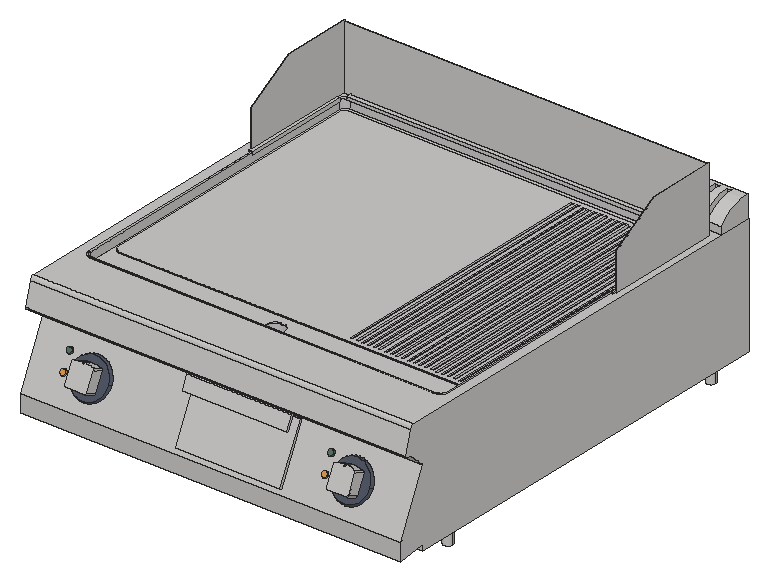
Revit family "QF_ZANUSSI_392400_Z9IINDAOMEA", category Specialty Equipment, Revit 2018
Family settings
  Round Connector Dimension = Use Diameter
  Part Type = Normal
  Work Plane-Based = No
  Always vertical = Yes
  Cut with Voids When Loaded = No
  Shared = No
  Room Calculation Point = No
Parameters
  Width = 800 mm  # constant formula
  Weight in Pounds = 105  # constant formula
  Weight = 0.00 kg
  Watts = 15000 W  # constant formula
  Volts = 400 V  # constant formula
  URL Manufacturer = "http://www.zanussiprofessional.com"
  URL Cutsheet = "www.electrolux.com"
  URL = "http://www.zanussiprofessional.com"
  Type Mark [instance] = ""
  Steam Supply Size = 0"
  Steam Supply Minimum Pressure = 0.00 psi
  Steam Supply Maximum Pressure = 0.00 psi
  Steam Pounds per Hour = 0
  Status [instance] = ""
  Specification by User [instance] = ""
  Specification by Manufacturer = ""
  Show Logo [instance] = yes
  Show Clearance [instance] = yes
  Serial Number = ""
  Seismic Rating = ""
  SMACNA No = ""
  Revision Code [instance] = ""
  Refrigeration Suction Line Size = 0"
  Refrigeration Liquid Line Size = 0"
  Refrigerant Compressor Remote = yes
  Phase = 3
  Omniclass Number and Title = ""
  Number of Poles [instance] = 1
  NAFEM Spec ID Number = ""
  Model = "Z9FTEHSP00"
  Min Ckt Ampacity = 0 A
  Max Overcurrent Protection = 0 A
  Masterspec = ""
  Manufacturer = "Zanussi"
  Length Actual = 800 mm  # constant formula
  Item Number [instance] = "392070"
  Installed By [instance] = ""
  Identify Quantity as Lot [instance] = yes
  Hot Water Size = 0"
  Height Actual = 250 mm  # constant formula
  HP = "20.1 HP"
  Gas Size = 0"
  Gas KW = 0
  Gas Input = 0.0 Btu/h
  Furnished By [instance] = ""
  Foodservice Equipment Identifier [instance] = yes
  FL Amps = if(Phase = 3, Watts / (Volts * 1.73), Watts / Volts)  # 21.6763 A
  Electrical Remarks [instance] = "400 V/3N ph/50/60 Hz"  # constant formula
  Electric Connection Type [instance] = ""
  Elec Conn RI Height [instance] = 0 mm
  Elec Conn Connection Height [instance] = 0 mm
  Direct Waste Size = 0"
  Description = "EL.FRYTOP SMOOTH+RIBBED SLOPED 800MM"
  Depth Actual = 900 mm  # constant formula
  Depth = 915 mm  # constant formula
  Cycle [instance] = if([60 Hertz Option], 60 Hz, 50 Hz)  # 60 Hz
  Conn Plug = ""
  Conn Conduit = yes
  Condensate Return Size = 0"
  Compressed Air Volume = 0 GPM
  Compressed Air Size = 0"
  Compressed Air Pressure = 0.00 psi
  Cold Water Size = 0"
  CSI MasterFormat = ""
  CSI Master Format = ""
  Apparent Power = if(Phase = 3, Volts * FL Amps * 1.73, Volts * FL Amps)  # 15000 VA
  Accessory = yes
  60 Hertz Option [instance] = not([50 Hertz Option])  # yes
  50 Hertz Option [instance] = no
Reference planes
  plane 1 "BACK": y = 0
  plane 2: z = 0
  plane 3 "LEFT": x = 0
  plane 4 "RIGHT": x = 800
  plane 5 "FRONT": y = -915
  plane 6 "TOP": z = 274
  plane 7 "Center Y": x = 400
  plane 8 "Center X": y = -457.5
  plane 9: y = -1045
  plane 10: z = 24
  plane 11: z = 290
  plane 12: z = 410
  plane 13: x = 11
  plane 14: x = 789
Forms (mm)
  Extrusion 1, solid, material "QF_Finishes_Stainless Steel"
    sketch origin (0, 0, 0) x (0, 1, 0) y (0, 0, 1)
      loop
        line (0, 24) -> (0, 274) -> (-879.358, 274)
        arc (-879.358, 274) -> (-884.643, 271.811) -> (-886.833, 266.526) r 7.474
        line (-886.833, 266.526) -> (-899.884, 221.011)
        arc (-899.884, 221.011) -> (-899.396, 218.379) -> (-897, 217.184) r 3
        line (-897, 217.184) -> (-886.802, 217.184) -> (-854.982, 185.364) -> (-915, 64.508) -> (-915, 29.508) -> (-858.645, 37.428)
        arc (-858.645, 37.428) -> (-856.101, 36.674) -> (-855, 34.259) r 3.2
        line (-855, 34.259) -> (-855, 24) -> (0, 24)
    from 0 to 800
  Extrusion 2, solid, material "QF_Finishes_Stainless Steel"
    sketch origin (0, -1, 0) x (1, 0, 0) y (0, 1, 0)
      loop
        circle (11, -82) r 9.525
      loop
        circle (11, -775) r 9.525
      loop
        circle (789, -82) r 9.525
      loop
        circle (789, -775) r 9.525
    from 0 to 24
  Extrusion 3, solid, material "QF_Finishes_Stainless Steel"
    sketch origin (635, 190.152, 274) x (0, -1, 0) y (1, 0, 0)
      loop
        line (273.542, 147.97) -> (273.542, -617.97) -> (275.13, -617.97) -> (275.13, 147.97) -> (273.542, 147.97)
    from 0 to 135
  Extrusion 4, void
    sketch origin (0, 0, 274) x (0, -1, 0) y (1, 0, 0)
      loop
        arc (92.539, 37.03) -> (96.932, 26.423) -> (107.539, 22.03) r 15
        line (107.539, 22.03) -> (762.539, 22.03)
        arc (762.539, 22.03) -> (773.145, 26.423) -> (777.539, 37.03) r 15
        line (777.539, 37.03) -> (777.539, 762.97)
        arc (777.539, 762.97) -> (773.145, 773.577) -> (762.539, 777.97) r 15
        line (762.539, 777.97) -> (107.539, 777.97)
        arc (107.539, 777.97) -> (96.932, 773.577) -> (92.539, 762.97) r 15
        line (92.539, 762.97) -> (92.539, 37.03)
    from 0 to -21.588
  Sweep 5, solid, material "QF_Finishes_Stainless Steel"
    path origin (0, 0, 0) x (1, 0, 0) y (0, 1, 0)
      loop
        line (22.03, -107.539) -> (22.03, -762.539)
        arc (22.03, -762.539) -> (26.423, -773.145) -> (37.03, -777.539) r 15
        line (37.03, -777.539) -> (762.97, -777.539)
        arc (762.97, -777.539) -> (773.577, -773.145) -> (777.97, -762.539) r 15
        line (777.97, -762.539) -> (777.97, -107.539)
        arc (777.97, -107.539) -> (773.577, -96.932) -> (762.97, -92.539) r 15
        line (762.97, -92.539) -> (37.03, -92.539)
        arc (37.03, -92.539) -> (26.423, -96.932) -> (22.03, -107.539) r 15
    profile origin (22.03, -435.039, 0) x (1, 0, 0) y (0, 0, 1)
      loop
        line (0, 255) -> (1.588, 255) -> (1.588, 272.855)
        arc (1.588, 272.855) -> (1.147, 274.189) -> (0, 275) r 2.242
        line (0, 275) -> (0, 255)
  Extrusion 6, solid, material "QF_Finishes_Stainless Steel"
    sketch origin (0, 0, 0) x (1, 0, 0) y (0, 0, 1)
      loop
        line (17.03, 274.856) -> (23.926, 274.856) -> (23.926, 269.856) -> (25.514, 269.856) -> (25.514, 276.444) -> (17.03, 276.444) -> (17.03, 274.856)
      loop
        line (782.97, 274.856) -> (782.97, 276.444) -> (774.486, 276.444) -> (774.486, 269.856) -> (776.074, 269.856) -> (776.074, 274.856) -> (782.97, 274.856)
    from 105.541 to 335.39
  Extrusion 7, solid, material "QF_Finishes_Stainless Steel"
    sketch origin (0, 0, 0) x (0, 1, 0) y (0, 0, 1)
      loop
        line (-94.126, 269.856) -> (-94.126, 274.856) -> (-84.978, 274.856) -> (-84.978, 276.444) -> (-95.714, 276.444) -> (-95.714, 269.856) -> (-94.126, 269.856)
    from 32.03 to 767.97
  Extrusion 8, solid, material "QF_Finishes_Stainless Steel"
    sketch origin (0, 0, 24) x (-1, 0, 0) y (0, 1, 0)
      loop
        circle (-740, -584) r 6.35
    from 0 to 5
  Extrusion 9, solid, material "QF_Clearances", visible <- "Show Clearance", detail levels coarse
    sketch origin (0, 0, 0) x (1, 0, 0) y (0, 1, 0)
      loop
        line (0, 0) -> (800, 0) -> (800, -915) -> (900, -915) -> (900, 100) -> (-100, 100) -> (-100, -915) -> (0, -915) -> (0, 0)
    from 0 to 410
  Extrusion 10, solid, material "QF_Finishes_Stainless Steel"
    sketch origin (0, 0, 0) x (0, 1, 0) y (0, 0, 1)
      loop
        line (-777.539, 254) -> (-777.539, 252.413) -> (-92.539, 252.413) -> (-92.539, 254) -> (-777.539, 254)
    from 22.03 to 777.97
  Extrusion 11, void
    sketch origin (328.121, 0, 0) x (1, 0, 0) y (0, 1, 0)
      loop
        circle (71.879, -743.736) r 20
    from 235.859 to 256.719
  Extrusion 12, solid, material "QF_Finishes_Stainless Steel"
    sketch origin (0, 0, 0) x (0, 1, 0) y (0, 0, 1)
      loop
        line (-83.39, 410) -> (-227.89, 410) -> (-327.89, 352.265) -> (-327.89, 274) -> (-83.39, 274) -> (-83.39, 410)
    from 15.442 to 17.03
  Extrusion 13, solid, material "QF_Finishes_Stainless Steel"
    sketch origin (23.617, -107.539, 255) x (-1, 0, 0) y (0, 1, 0)
      loop
        arc (-18.413, -600) -> (-11.341, -597.071) -> (-8.413, -590) r 10
        line (-8.413, -590) -> (-8.413, -7.867)
        arc (-8.413, -7.867) -> (-11.341, -0.796) -> (-18.412, 2.133) r 10
        line (-18.412, 2.133) -> (-734.353, 2.133)
        arc (-734.353, 2.133) -> (-741.425, -0.796) -> (-744.353, -7.867) r 10
        line (-744.353, -7.867) -> (-744.353, -590)
        arc (-744.353, -590) -> (-741.425, -597.071) -> (-734.353, -600) r 10
        line (-734.353, -600) -> (-18.413, -600)
    from 0 to -2
  Extrusion 14, solid, material "QF_Finishes_Stainless Steel"
    sketch origin (800, 0, 0) x (0, 1, 0) y (0, 0, -1)
      loop
        line (-83.39, -410) -> (-83.39, -274) -> (-327.89, -274) -> (-327.89, -352.265) -> (-227.89, -410) -> (-83.39, -410)
    from 15.442 to 17.03
  Extrusion 15, solid, material "QF_Finishes_Stainless Steel"
    sketch origin (0, 0, -10.038) x (0, 1, 0) y (0, 0, 1)
      loop
        line (0, 284.038) -> (0, 331.354)
        arc (0, 331.354) -> (-38.768, 324.268) -> (-69.85, 300.038) r 82.671
        line (-69.85, 300.038) -> (-69.85, 284.038) -> (0, 284.038)
    from 0 to 400
  Extrusion 16, void
    sketch origin (0, 0, 264.6) x (0, -1, 0) y (1, 0, 0)
      loop
        line (6.761, 29.703) -> (63.911, 29.703) -> (63.911, 38.999) -> (6.761, 38.999) -> (6.761, 29.703)
      loop
        line (63.911, 64.487) -> (6.761, 64.487) -> (6.761, 55.191) -> (63.911, 55.191) -> (63.911, 64.487)
      loop
        line (63.911, 89.975) -> (6.761, 89.975) -> (6.761, 80.68) -> (63.911, 80.68) -> (63.911, 89.975)
      loop
        line (63.911, 115.464) -> (6.761, 115.464) -> (6.761, 106.168) -> (63.911, 106.168) -> (63.911, 115.464)
      loop
        line (63.911, 140.952) -> (6.761, 140.952) -> (6.761, 131.656) -> (63.911, 131.656) -> (63.911, 140.952)
      loop
        line (63.911, 166.44) -> (6.761, 166.44) -> (6.761, 157.145) -> (63.911, 157.145) -> (63.911, 166.44)
      loop
        line (63.911, 191.929) -> (6.761, 191.929) -> (6.761, 182.633) -> (63.911, 182.633) -> (63.911, 191.929)
      loop
        line (63.911, 217.417) -> (6.761, 217.417) -> (6.761, 208.121) -> (63.911, 208.121) -> (63.911, 217.417)
      loop
        line (63.911, 242.905) -> (6.761, 242.905) -> (6.761, 233.61) -> (63.911, 233.61) -> (63.911, 242.905)
      loop
        line (63.911, 268.394) -> (6.761, 268.394) -> (6.761, 259.098) -> (63.911, 259.098) -> (63.911, 268.394)
      loop
        line (63.911, 293.882) -> (6.761, 293.882) -> (6.761, 284.586) -> (63.911, 284.586) -> (63.911, 293.882)
      loop
        line (63.911, 319.37) -> (6.761, 319.37) -> (6.761, 310.075) -> (63.911, 310.075) -> (63.911, 319.37)
      loop
        line (63.911, 344.859) -> (6.761, 344.859) -> (6.761, 335.563) -> (63.911, 335.563) -> (63.911, 344.859)
      loop
        line (63.911, 370.347) -> (6.761, 370.347) -> (6.761, 361.051) -> (63.911, 361.051) -> (63.911, 370.347)
    from 25.4 to 63.5
  Extrusion 17, solid, material "QF_Finishes_Stainless Steel"
    sketch origin (800, 0, -10.038) x (0, 1, 0) y (0, 0, -1)
      loop
        line (0, -284.038) -> (-69.85, -284.038) -> (-69.85, -300.038)
        arc (-69.85, -300.038) -> (-38.626, -323.809) -> (0, -330.737) r 83.705
        line (0, -330.737) -> (0, -284.038)
    from 0 to 400
  Extrusion 18, void
    sketch origin (800, 0, 264.6) x (0, -1, 0) y (1, 0, 0)
      loop
        line (6.761, -29.703) -> (6.761, -38.999) -> (63.911, -38.999) -> (63.911, -29.703) -> (6.761, -29.703)
      loop
        line (63.911, -64.487) -> (63.911, -55.191) -> (6.761, -55.191) -> (6.761, -64.487) -> (63.911, -64.487)
      loop
        line (63.911, -89.975) -> (63.911, -80.68) -> (6.761, -80.68) -> (6.761, -89.975) -> (63.911, -89.975)
      loop
        line (63.911, -115.464) -> (63.911, -106.168) -> (6.761, -106.168) -> (6.761, -115.464) -> (63.911, -115.464)
      loop
        line (63.911, -140.952) -> (63.911, -131.656) -> (6.761, -131.656) -> (6.761, -140.952) -> (63.911, -140.952)
      loop
        line (63.911, -166.44) -> (63.911, -157.145) -> (6.761, -157.145) -> (6.761, -166.44) -> (63.911, -166.44)
      loop
        line (63.911, -191.929) -> (63.911, -182.633) -> (6.761, -182.633) -> (6.761, -191.929) -> (63.911, -191.929)
      loop
        line (63.911, -217.417) -> (63.911, -208.121) -> (6.761, -208.121) -> (6.761, -217.417) -> (63.911, -217.417)
      loop
        line (63.911, -242.905) -> (63.911, -233.61) -> (6.761, -233.61) -> (6.761, -242.905) -> (63.911, -242.905)
      loop
        line (63.911, -268.394) -> (63.911, -259.098) -> (6.761, -259.098) -> (6.761, -268.394) -> (63.911, -268.394)
      loop
        line (63.911, -293.882) -> (63.911, -284.586) -> (6.761, -284.586) -> (6.761, -293.882) -> (63.911, -293.882)
      loop
        line (63.911, -319.37) -> (63.911, -310.075) -> (6.761, -310.075) -> (6.761, -319.37) -> (63.911, -319.37)
      loop
        line (63.911, -344.859) -> (63.911, -335.563) -> (6.761, -335.563) -> (6.761, -344.859) -> (63.911, -344.859)
      loop
        line (63.911, -370.347) -> (63.911, -361.051) -> (6.761, -361.051) -> (6.761, -370.347) -> (63.911, -370.347)
    from 25.4 to 63.5
  Extrusion 19, solid, material "QF_Finishes_Stainless Steel"
    sketch origin (335, -214.132, -0.464) x (0, 1, 0) y (0, 0, 1)
      loop
        line (-640.85, 185.828) -> (-659.988, 204.966)
        arc (-659.988, 204.966) -> (-664.455, 206.368) -> (-668.159, 203.504) r 5.058
        line (-668.159, 203.504) -> (-680.821, 175.994) -> (-677.937, 174.666) -> (-665.275, 202.176)
        arc (-665.275, 202.176) -> (-663.896, 203.243) -> (-662.233, 202.721) r 1.883
        line (-662.233, 202.721) -> (-644.727, 185.215) -> (-698.248, 77.444) -> (-695.339, 76.105) -> (-640.85, 185.828)
    from -10 to 210
  Extrusion 20, solid, material "QF_Finishes_Drawer Clearance", visible <- "Show Clearance", detail levels coarse
    sketch origin (335, -315.732, -0.464) x (0, 1, 0) y (0, 0, 1)
      loop
        line (-726.181, 76.105) -> (-593.739, 76.105) -> (-539.25, 185.828) -> (-558.388, 204.966)
        arc (-558.388, 204.966) -> (-560.449, 206.215) -> (-562.855, 206.368) r 5.058
        line (-562.855, 206.368) -> (-695.296, 206.368)
        arc (-695.296, 206.368) -> (-697.5, 205.39) -> (-699, 203.504) r 5.058
        line (-699, 203.504) -> (-711.662, 175.994) -> (-708.778, 174.666) -> (-696.116, 202.176)
        arc (-696.116, 202.176) -> (-694.737, 203.243) -> (-693.074, 202.721) r 1.883
        line (-693.074, 202.721) -> (-675.569, 185.215) -> (-729.089, 77.444) -> (-726.181, 76.105)
    from -10 to 210
  Blend 21, solid, material "QF_Finishes_Navy Blue"
    base sketch origin (125, -884.991, 124.936) x (1, 0, 0) y (0, 0.444781, 0.895639)
      loop
        circle (0, 0) r 42.5
    top sketch origin (125, -884.991, 124.936) x (1, 0, 0) y (0, 0.444781, 0.895639)
      loop
        circle (0, 0) r 40.5
    from 0 to 5
  Extrusion 22, solid, material "QF_Finishes_Stainless Steel"
    sketch origin (125, -884.991, 124.936) x (1, 0, 0) y (0, 0.444781, 0.895639)
      loop
        arc (-21.147, 22.789) -> (-22.494, 21.685) -> (-23, 20.019) r 2.997
        line (-23, 20.019) -> (-23, -20.019)
        arc (-23, -20.019) -> (-22.122, -22.138) -> (-20.003, -23.016) r 2.997
        line (-20.003, -23.016) -> (20.003, -23.016)
        arc (20.003, -23.016) -> (22.122, -22.138) -> (23, -20.019) r 2.997
        line (23, -20.019) -> (23, 20.019)
        arc (23, 20.019) -> (22.494, 21.685) -> (21.147, 22.789) r 2.997
        arc (21.147, 22.789) -> (0, 26.984) -> (-21.147, 22.789) r 55.4
    from 10 to 34
  Extrusion 23, solid, material "QF_Finishes_Stainless Steel"
    sketch origin (125, -884.991, 124.936) x (1, 0, 0) y (0, 0.444781, 0.895639)
      loop
        line (17.5, 17.5) -> (-17.5, 17.5) -> (-17.5, -17.5) -> (17.5, -17.5) -> (17.5, 17.5)
    from 5 to 10
  Extrusion 24, solid, material "QF_Plastic-Black-Matte"
    sketch origin (67.5, -884.991, 124.936) x (0, 0.444781, 0.895639) y (0, 0.895639, -0.444781)
      loop
        line (26.984, -34) -> (23.984, -34) -> (23.984, -35) -> (26.984, -35)
        arc (26.984, -35) -> (27.691, -34.707) -> (27.984, -34) r 1
        line (27.984, -34) -> (27.984, -19) -> (26.984, -19) -> (26.984, -34)
    from -58.5 to -56.5
  Extrusion 25, solid, material "QF_Finishes_DarkGreen"
    sketch origin (125, -871.138, 152.831) x (1, 0, 0) y (0, 0.444781, 0.895639)
      loop
        circle (-55.001, 0) r 6
    from 0 to 1.6
  Extrusion 26, solid, material "QF_Finishes_Orange"
    sketch origin (125, -888.072, 118.733) x (1, 0, 0) y (0, 0.444781, 0.895639)
      loop
        circle (-55.001, 0) r 6
    from 0 to 1.6
  Blend 27, solid, material "QF_Finishes_Navy Blue"
    base sketch origin (675, -884.991, 124.936) x (1, 0, 0) y (0, 0.444781, 0.895639)
      loop
        circle (0, 0) r 42.5
    top sketch origin (675, -884.991, 124.936) x (1, 0, 0) y (0, 0.444781, 0.895639)
      loop
        circle (0, 0) r 40.5
    from 0 to 5
  Extrusion 28, solid, material "QF_Finishes_Stainless Steel"
    sketch origin (675, -884.991, 124.936) x (1, 0, 0) y (0, 0.444781, 0.895639)
      loop
        arc (-21.147, 22.789) -> (-22.494, 21.685) -> (-23, 20.019) r 2.997
        line (-23, 20.019) -> (-23, -20.019)
        arc (-23, -20.019) -> (-22.122, -22.138) -> (-20.003, -23.016) r 2.997
        line (-20.003, -23.016) -> (20.003, -23.016)
        arc (20.003, -23.016) -> (22.122, -22.138) -> (23, -20.019) r 2.997
        line (23, -20.019) -> (23, 20.019)
        arc (23, 20.019) -> (22.494, 21.685) -> (21.147, 22.789) r 2.997
        arc (21.147, 22.789) -> (0, 26.984) -> (-21.147, 22.789) r 55.4
    from 10 to 34
  Extrusion 29, solid, material "QF_Finishes_Stainless Steel"
    sketch origin (675, -884.991, 124.936) x (1, 0, 0) y (0, 0.444781, 0.895639)
      loop
        line (17.5, 17.5) -> (-17.5, 17.5) -> (-17.5, -17.5) -> (17.5, -17.5) -> (17.5, 17.5)
    from 5 to 10
  Extrusion 30, solid, material "QF_Plastic-Black-Matte"
    sketch origin (617.5, -884.991, 124.936) x (0, 0.444781, 0.895639) y (0, 0.895639, -0.444781)
      loop
        line (26.984, -34) -> (23.984, -34) -> (23.984, -35) -> (26.984, -35)
        arc (26.984, -35) -> (27.691, -34.707) -> (27.984, -34) r 1
        line (27.984, -34) -> (27.984, -19) -> (26.984, -19) -> (26.984, -34)
    from -58.5 to -56.5
  Extrusion 31, solid, material "QF_Finishes_DarkGreen"
    sketch origin (675, -871.138, 152.831) x (1, 0, 0) y (0, 0.444781, 0.895639)
      loop
        circle (-55.001, 0) r 6
    from 0 to 1.6
  Extrusion 32, solid, material "QF_Finishes_Orange"
    sketch origin (675, -888.072, 118.733) x (1, 0, 0) y (0, 0.444781, 0.895639)
      loop
        circle (-55.001, 0) r 6
    from 0 to 1.6
  Extrusion 33, void
    sketch origin (377.37, -686.406, 37.09) x (0, 0, 1) y (-1, 0, 0)
      loop
        line (219.91, -317) -> (219.91, -311) -> (217.91, -311.4) -> (217.91, -316.6) -> (219.91, -317)
      loop
        line (219.91, -305) -> (219.91, -299) -> (217.91, -299.4) -> (217.91, -304.6) -> (219.91, -305)
      loop
        line (219.91, -293) -> (219.91, -287) -> (217.91, -287.4) -> (217.91, -292.6) -> (219.91, -293)
      loop
        line (219.91, -281) -> (219.91, -275) -> (217.91, -275.4) -> (217.91, -280.6) -> (219.91, -281)
      loop
        line (219.91, -269) -> (219.91, -263) -> (217.91, -263.4) -> (217.91, -268.6) -> (219.91, -269)
      loop
        line (219.91, -257) -> (219.91, -251) -> (217.91, -251.4) -> (217.91, -256.6) -> (219.91, -257)
      loop
        line (219.91, -245) -> (219.91, -239) -> (217.91, -239.4) -> (217.91, -244.6) -> (219.91, -245)
      loop
        line (219.91, -233) -> (219.91, -227) -> (217.91, -227.4) -> (217.91, -232.6) -> (219.91, -233)
      loop
        line (219.91, -377) -> (219.91, -371) -> (217.91, -371.4) -> (217.91, -376.6) -> (219.91, -377)
      loop
        line (219.91, -341) -> (219.91, -335) -> (217.91, -335.4) -> (217.91, -340.6) -> (219.91, -341)
      loop
        line (219.91, -329) -> (219.91, -323) -> (217.91, -323.4) -> (217.91, -328.6) -> (219.91, -329)
      loop
        line (219.91, -389) -> (219.91, -383) -> (217.91, -383.4) -> (217.91, -388.6) -> (219.91, -389)
      loop
        line (219.91, -353) -> (219.91, -347) -> (217.91, -347.4) -> (217.91, -352.6) -> (219.91, -353)
      loop
        line (219.91, -365) -> (219.91, -359) -> (217.91, -359.4) -> (217.91, -364.6) -> (219.91, -365)
      loop
        line (219.91, -221) -> (219.91, -215) -> (217.91, -215.4) -> (217.91, -220.6) -> (219.91, -221)
      loop
        line (219.91, -209) -> (219.91, -203) -> (217.91, -203.4) -> (217.91, -208.6) -> (219.91, -209)
      loop
        line (219.91, -197) -> (219.91, -191) -> (217.91, -191.4) -> (217.91, -196.6) -> (219.91, -197)
      loop
        line (219.91, -185) -> (219.91, -179) -> (217.91, -179.4) -> (217.91, -184.6) -> (219.91, -185)
      loop
        line (219.91, -173) -> (219.91, -167) -> (217.91, -167.4) -> (217.91, -172.6) -> (219.91, -173)
      loop
        line (219.91, -161) -> (219.91, -155) -> (217.91, -155.4) -> (217.91, -160.6) -> (219.91, -161)
      loop
        line (219.91, -149) -> (219.91, -143) -> (217.91, -143.4) -> (217.91, -148.6) -> (219.91, -149)
    from 10 to -570
Cuts and joins
  Extrusion 4, Extrusion 11 cuts Extrusion 1
  Extrusion 11 cuts Extrusion 10
  joined: Extrusion 3, Extrusion 12, Extrusion 14
  Extrusion 16, Extrusion 18 cuts Extrusion 15
  Extrusion 18 cuts Extrusion 17
  Extrusion 33 cuts Extrusion 13
Lines and regions (mm)
  Split face 1
    outline origin (125, -889.469, 127.16) x (1, 0, 0) y (0, 0.444781, 0.895639)
      loop
        circle (-34, 0) r 1.5
  Split face 2
    outline origin (125, -889.469, 127.16) x (1, 0, 0) y (0, 0.444781, 0.895639)
      loop
        circle (-30.633, -14.752) r 1.5
  Split face 3
    outline origin (125, -889.469, 127.16) x (1, 0, 0) y (0, 0.444781, 0.895639)
      loop
        circle (-21.199, -26.582) r 1.5
  Split face 4
    outline origin (125, -889.469, 127.16) x (1, 0, 0) y (0, 0.444781, 0.895639)
      loop
        circle (-7.566, -33.148) r 1.5
  Split face 5
    outline origin (125, -889.469, 127.16) x (1, 0, 0) y (0, 0.444781, 0.895639)
      loop
        circle (7.566, -33.148) r 1.5
  Split face 6
    outline origin (125, -889.469, 127.16) x (1, 0, 0) y (0, 0.444781, 0.895639)
      loop
        circle (21.199, -26.582) r 1.5
  Split face 7
    outline origin (125, -889.469, 127.16) x (1, 0, 0) y (0, 0.444781, 0.895639)
      loop
        circle (30.633, -14.752) r 1.5
  Split face 8
    outline origin (125, -889.469, 127.16) x (1, 0, 0) y (0, 0.444781, 0.895639)
      loop
        circle (34, 0) r 1.5
  Split face 9
    outline origin (146.665, -886.175, 133.794) x (1, 0, 0) y (0, 0.444781, 0.895639)
      loop
        circle (-21.665, 26.582) r 1.5
  Split face 10
    outline origin (675, -889.469, 127.16) x (1, 0, 0) y (0, 0.444781, 0.895639)
      loop
        circle (-34, 0) r 1.5
  Split face 11
    outline origin (675, -889.469, 127.16) x (1, 0, 0) y (0, 0.444781, 0.895639)
      loop
        circle (-30.633, -14.752) r 1.5
  Split face 12
    outline origin (675, -889.469, 127.16) x (1, 0, 0) y (0, 0.444781, 0.895639)
      loop
        circle (-21.199, -26.582) r 1.5
  Split face 13
    outline origin (675, -889.469, 127.16) x (1, 0, 0) y (0, 0.444781, 0.895639)
      loop
        circle (-7.566, -33.148) r 1.5
  Split face 14
    outline origin (675, -889.469, 127.16) x (1, 0, 0) y (0, 0.444781, 0.895639)
      loop
        circle (7.566, -33.148) r 1.5
  Split face 15
    outline origin (675, -889.469, 127.16) x (1, 0, 0) y (0, 0.444781, 0.895639)
      loop
        circle (21.199, -26.582) r 1.5
  Split face 16
    outline origin (675, -889.469, 127.16) x (1, 0, 0) y (0, 0.444781, 0.895639)
      loop
        circle (30.633, -14.752) r 1.5
  Split face 17
    outline origin (675, -889.469, 127.16) x (1, 0, 0) y (0, 0.444781, 0.895639)
      loop
        circle (34, 0) r 1.5
  Split face 18
    outline origin (696.665, -886.175, 133.794) x (1, 0, 0) y (0, 0.444781, 0.895639)
      loop
        circle (-21.665, 26.582) r 1.5
  symbolic lines, style "QF_Clearances", visible <- "Show Clearance", detail levels coarse
    curve 1: line (900, -915, 0) -> (900, 100, 0)
    curve 2: line (900, 100, 0) -> (-100, 100, 0)
    curve 3: line (-100, 100, 0) -> (-100, -915, 0)
  symbolic lines, style "QF_Door-Drawer Clearances"
    curve 4: line (325, -915, 0) -> (325, -1045, 0)
    curve 5: line (325, -1045, 0) -> (545, -1045, 0)
    curve 6: line (545, -915, 0) -> (545, -1045, 0)
  symbolic lines
    curve 7: line (800, -915, 0) -> (800, 0, 0)
    curve 8: line (800, 0, 0) -> (0, 0, 0)
    curve 9: line (0, 0, 0) -> (0, -915, 0)
    curve 10: line (762.97, -777.539, 0) -> (37.03, -777.539, 0)
    curve 11: arc (37.03, -777.539, 0) -> (26.423, -773.145, 0) -> (22.03, -762.539, 0) r 15
    curve 12: line (22.03, -762.539, 0) -> (22.03, -327.89, 0)
    curve 13: arc (22.163, -105.541, 0) -> (25.387, -98.081, 0) -> (32.03, -93.397, 0) r 15
    curve 14: arc (767.97, -93.397, 0) -> (774.613, -98.081, 0) -> (777.837, -105.541, 0) r 15
    curve 15: line (777.97, -327.89, 0) -> (777.97, -762.539, 0)
    curve 16: arc (777.97, -762.539, 0) -> (773.577, -773.145, 0) -> (762.97, -777.539, 0) r 15
    curve 17: line (757.97, -707.539, 0) -> (42.03, -707.539, 0)
    curve 18: arc (42.03, -707.539, 0) -> (34.958, -704.61, 0) -> (32.03, -697.539, 0) r 10
    curve 19: line (32.03, -697.539, 0) -> (32.03, -115.406, 0)
    curve 20: arc (32.03, -115.406, 0) -> (34.958, -108.335, 0) -> (42.03, -105.406, 0) r 10
    curve 21: line (42.03, -105.406, 0) -> (757.97, -105.406, 0)
    curve 22: arc (757.97, -105.406, 0) -> (765.042, -108.335, 0) -> (767.97, -115.406, 0) r 10
    curve 23: line (767.97, -115.406, 0) -> (767.97, -697.539, 0)
    curve 24: arc (767.97, -697.539, 0) -> (765.042, -704.61, 0) -> (757.97, -707.539, 0) r 10
    curve 25: line (15.442, -83.39, 0) -> (15.442, -327.89, 0)
    curve 26: line (784.558, -83.39, 0) -> (15.442, -83.39, 0)
    curve 27: line (784.558, -327.89, 0) -> (784.558, -83.39, 0)
    curve 28: line (767.97, -95.714, 0) -> (767.97, -83.39, 0)
    curve 29: line (32.03, -95.714, 0) -> (767.97, -95.714, 0)
    curve 30: line (32.03, -83.39, 0) -> (32.03, -95.714, 0)
    curve 31: line (784.558, -105.541, 0) -> (774.486, -105.541, 0)
    curve 32: line (25.514, -327.89, 0) -> (25.514, -105.541, 0)
    curve 33: line (15.442, -327.89, 0) -> (25.514, -327.89, 0)
    curve 34: line (774.486, -105.541, 0) -> (774.486, -327.89, 0)
    curve 35: line (774.486, -327.89, 0) -> (784.558, -327.89, 0)
    curve 36: line (25.514, -105.541, 0) -> (15.442, -105.541, 0)
    curve 37: line (38.999, -6.761, 0) -> (38.999, -63.911, 0)
    curve 38: line (38.999, -63.911, 0) -> (29.703, -63.911, 0)
    curve 39: line (29.703, -63.911, 0) -> (29.703, -6.761, 0)
    curve 40: line (29.703, -6.761, 0) -> (38.999, -6.761, 0)
    curve 41: line (55.191, -63.911, 0) -> (55.191, -6.761, 0)
    curve 42: line (55.191, -6.761, 0) -> (64.487, -6.761, 0)
    curve 43: line (64.487, -6.761, 0) -> (64.487, -63.911, 0)
    curve 44: line (64.487, -63.911, 0) -> (55.191, -63.911, 0)
    curve 45: line (89.975, -6.761, 0) -> (89.975, -63.911, 0)
    curve 46: line (89.975, -63.911, 0) -> (80.68, -63.911, 0)
    curve 47: line (80.68, -63.911, 0) -> (80.68, -6.761, 0)
    curve 48: line (80.68, -6.761, 0) -> (89.975, -6.761, 0)
    curve 49: line (115.464, -6.761, 0) -> (115.464, -63.911, 0)
    curve 50: line (115.464, -63.911, 0) -> (106.168, -63.911, 0)
    curve 51: line (106.168, -63.911, 0) -> (106.168, -6.761, 0)
    curve 52: line (106.168, -6.761, 0) -> (115.464, -6.761, 0)
    curve 53: line (140.952, -6.761, 0) -> (140.952, -63.911, 0)
    curve 54: line (140.952, -63.911, 0) -> (131.656, -63.911, 0)
    curve 55: line (131.656, -63.911, 0) -> (131.656, -6.761, 0)
    curve 56: line (131.656, -6.761, 0) -> (140.952, -6.761, 0)
    curve 57: line (166.44, -6.761, 0) -> (166.44, -63.911, 0)
    curve 58: line (166.44, -63.911, 0) -> (157.145, -63.911, 0)
    curve 59: line (157.145, -63.911, 0) -> (157.145, -6.761, 0)
    curve 60: line (157.145, -6.761, 0) -> (166.44, -6.761, 0)
    curve 61: line (191.929, -6.761, 0) -> (191.929, -63.911, 0)
    curve 62: line (191.929, -63.911, 0) -> (182.633, -63.911, 0)
    curve 63: line (182.633, -63.911, 0) -> (182.633, -6.761, 0)
    curve 64: line (182.633, -6.761, 0) -> (191.929, -6.761, 0)
    curve 65: line (208.121, -63.911, 0) -> (208.121, -6.761, 0)
    curve 66: line (208.121, -6.761, 0) -> (217.417, -6.761, 0)
    curve 67: line (217.417, -6.761, 0) -> (217.417, -63.911, 0)
    curve 68: line (217.417, -63.911, 0) -> (208.121, -63.911, 0)
    curve 69: line (767.97, -83.39, 0) -> (767.97, -95.714, 0)
    curve 70: line (361.001, -6.761, 0) -> (361.001, -63.911, 0)
    curve 71: line (361.001, -63.911, 0) -> (370.297, -63.911, 0)
    curve 72: line (370.297, -63.911, 0) -> (370.297, -6.761, 0)
    curve 73: line (370.297, -6.761, 0) -> (361.001, -6.761, 0)
    curve 74: line (344.809, -63.911, 0) -> (344.809, -6.761, 0)
    curve 75: line (344.809, -6.761, 0) -> (335.513, -6.761, 0)
    curve 76: line (335.513, -6.761, 0) -> (335.513, -63.911, 0)
    curve 77: line (335.513, -63.911, 0) -> (344.809, -63.911, 0)
    curve 78: line (310.025, -6.761, 0) -> (310.025, -63.911, 0)
    curve 79: line (310.025, -63.911, 0) -> (319.32, -63.911, 0)
    curve 80: line (319.32, -63.911, 0) -> (319.32, -6.761, 0)
    curve 81: line (319.32, -6.761, 0) -> (310.025, -6.761, 0)
    curve 82: line (284.536, -6.761, 0) -> (284.536, -63.911, 0)
    curve 83: line (284.536, -63.911, 0) -> (293.832, -63.911, 0)
    curve 84: line (293.832, -63.911, 0) -> (293.832, -6.761, 0)
    curve 85: line (293.832, -6.761, 0) -> (284.536, -6.761, 0)
    curve 86: line (259.048, -6.761, 0) -> (259.048, -63.911, 0)
    curve 87: line (259.048, -63.911, 0) -> (268.344, -63.911, 0)
    curve 88: line (268.344, -63.911, 0) -> (268.344, -6.761, 0)
    curve 89: line (268.344, -6.761, 0) -> (259.048, -6.761, 0)
    curve 90: line (233.56, -6.761, 0) -> (233.56, -63.911, 0)
    curve 91: line (233.56, -63.911, 0) -> (242.855, -63.911, 0)
    curve 92: line (242.855, -63.911, 0) -> (242.855, -6.761, 0)
    curve 93: line (242.855, -6.761, 0) -> (233.56, -6.761, 0)
    curve 94: arc (380, -743.736, 0) -> (400, -723.736, 0) -> (420, -743.736, 0) r 20
    curve 95: arc (380, -743.736, 0) -> (400, -763.736, 0) -> (420, -743.736, 0) r 20
    curve 96: arc (777.837, -105.541, 0) -> (774.613, -98.081, 0) -> (767.97, -93.397, 0) r 15
    curve 97: arc (767.97, -115.406, 0) -> (765.042, -108.335, 0) -> (757.97, -105.406, 0) r 10
    curve 98: line (767.97, -83.39, 0) -> (767.97, -95.714, 0)
    curve 99: line (761.001, -6.761, 0) -> (761.001, -63.911, 0)
    curve 100: line (761.001, -63.911, 0) -> (770.297, -63.911, 0)
    curve 101: line (770.297, -63.911, 0) -> (770.297, -6.761, 0)
    curve 102: line (770.297, -6.761, 0) -> (761.001, -6.761, 0)
    curve 103: line (744.809, -63.911, 0) -> (744.809, -6.761, 0)
    curve 104: line (744.809, -6.761, 0) -> (735.513, -6.761, 0)
    curve 105: line (735.513, -6.761, 0) -> (735.513, -63.911, 0)
    curve 106: line (735.513, -63.911, 0) -> (744.809, -63.911, 0)
    curve 107: line (710.025, -6.761, 0) -> (710.025, -63.911, 0)
    curve 108: line (710.025, -63.911, 0) -> (719.32, -63.911, 0)
    curve 109: line (719.32, -63.911, 0) -> (719.32, -6.761, 0)
    curve 110: line (719.32, -6.761, 0) -> (710.025, -6.761, 0)
    curve 111: line (684.536, -6.761, 0) -> (684.536, -63.911, 0)
    curve 112: line (684.536, -63.911, 0) -> (693.832, -63.911, 0)
    curve 113: line (693.832, -63.911, 0) -> (693.832, -6.761, 0)
    curve 114: line (693.832, -6.761, 0) -> (684.536, -6.761, 0)
    curve 115: line (659.048, -6.761, 0) -> (659.048, -63.911, 0)
    curve 116: line (659.048, -63.911, 0) -> (668.344, -63.911, 0)
    curve 117: line (668.344, -63.911, 0) -> (668.344, -6.761, 0)
    curve 118: line (668.344, -6.761, 0) -> (659.048, -6.761, 0)
    curve 119: line (633.56, -6.761, 0) -> (633.56, -63.911, 0)
    curve 120: line (633.56, -63.911, 0) -> (642.855, -63.911, 0)
    curve 121: line (642.855, -63.911, 0) -> (642.855, -6.761, 0)
    curve 122: line (642.855, -6.761, 0) -> (633.56, -6.761, 0)
    curve 123: line (608.071, -6.761, 0) -> (608.071, -63.911, 0)
    curve 124: line (608.071, -63.911, 0) -> (617.367, -63.911, 0)
    curve 125: line (617.367, -63.911, 0) -> (617.367, -6.761, 0)
    curve 126: line (617.367, -6.761, 0) -> (608.071, -6.761, 0)
    curve 127: line (591.879, -63.911, 0) -> (591.879, -6.761, 0)
    curve 128: line (591.879, -6.761, 0) -> (582.583, -6.761, 0)
    curve 129: line (582.583, -6.761, 0) -> (582.583, -63.911, 0)
    curve 130: line (582.583, -63.911, 0) -> (591.879, -63.911, 0)
    curve 131: line (438.999, -6.761, 0) -> (438.999, -63.911, 0)
    curve 132: line (438.999, -63.911, 0) -> (429.703, -63.911, 0)
    curve 133: line (429.703, -63.911, 0) -> (429.703, -6.761, 0)
    curve 134: line (429.703, -6.761, 0) -> (438.999, -6.761, 0)
    curve 135: line (455.191, -63.911, 0) -> (455.191, -6.761, 0)
    curve 136: line (455.191, -6.761, 0) -> (464.487, -6.761, 0)
    curve 137: line (464.487, -6.761, 0) -> (464.487, -63.911, 0)
    curve 138: line (464.487, -63.911, 0) -> (455.191, -63.911, 0)
    curve 139: line (489.975, -6.761, 0) -> (489.975, -63.911, 0)
    curve 140: line (489.975, -63.911, 0) -> (480.68, -63.911, 0)
    curve 141: line (480.68, -63.911, 0) -> (480.68, -6.761, 0)
    curve 142: line (480.68, -6.761, 0) -> (489.975, -6.761, 0)
    curve 143: line (515.464, -6.761, 0) -> (515.464, -63.911, 0)
    curve 144: line (515.464, -63.911, 0) -> (506.168, -63.911, 0)
    curve 145: line (506.168, -63.911, 0) -> (506.168, -6.761, 0)
    curve 146: line (506.168, -6.761, 0) -> (515.464, -6.761, 0)
    curve 147: line (540.952, -6.761, 0) -> (540.952, -63.911, 0)
    curve 148: line (540.952, -63.911, 0) -> (531.656, -63.911, 0)
    curve 149: line (531.656, -63.911, 0) -> (531.656, -6.761, 0)
    curve 150: line (531.656, -6.761, 0) -> (540.952, -6.761, 0)
    curve 151: line (566.44, -6.761, 0) -> (566.44, -63.911, 0)
    curve 152: line (566.44, -63.911, 0) -> (557.145, -63.911, 0)
    curve 153: line (557.145, -63.911, 0) -> (557.145, -6.761, 0)
    curve 154: line (557.145, -6.761, 0) -> (566.44, -6.761, 0)
    curve 155: line (0, -69.85, 0) -> (800, -69.85, 0)
    curve 156: line (400, -69.85, 0) -> (400, 0, 0)
    curve 157: line (0, -900, 0) -> (800, -900, 0)
    curve 158: line (102, -900, 0) -> (102, -924.347, 0)
    curve 159: arc (102, -924.347, 0) -> (102.146, -924.811, 0) -> (102.532, -925.107, 0) r 0.809
    curve 160: arc (102.532, -925.107, 0) -> (103.72, -925.587, 0) -> (104.997, -925.68, 0) r 4.127
    curve 161: arc (102, -904.292, 0) -> (96.959, -902.458, 0) -> (92.191, -900, 0) r 42.24
    curve 162: arc (102, -906.539, 0) -> (102.502, -905.818, 0) -> (103.299, -905.448, 0) r 1.682
    curve 163: arc (103.299, -905.448, 0) -> (113.602, -903.95, 0) -> (124, -903.441, 0) r 109.079
    curve 164: line (124, -900, 0) -> (124, -905.671, 0)
    curve 165: line (124, -905.671, 0) -> (126, -905.671, 0)
    curve 166: line (126, -905.671, 0) -> (126, -900, 0)
    curve 167: line (148, -900, 0) -> (148, -924.347, 0)
    curve 168: arc (148, -924.347, 0) -> (147.854, -924.811, 0) -> (147.468, -925.107, 0) r 0.809
    curve 169: arc (147.468, -925.107, 0) -> (146.28, -925.587, 0) -> (145.003, -925.68, 0) r 4.127
    curve 170: arc (148, -904.292, 0) -> (153.041, -902.458, 0) -> (157.809, -900, 0) r 42.24
    curve 171: arc (148, -906.539, 0) -> (147.498, -905.818, 0) -> (146.701, -905.448, 0) r 1.682
    curve 172: arc (146.701, -905.448, 0) -> (136.398, -903.95, 0) -> (126, -903.441, 0) r 109.079
    curve 173: line (104.997, -925.68, 0) -> (145.003, -925.68, 0)
    curve 174: line (698, -900, 0) -> (698, -924.347, 0)
    curve 175: arc (698, -924.347, 0) -> (697.854, -924.811, 0) -> (697.468, -925.107, 0) r 0.809
    curve 176: arc (697.468, -925.107, 0) -> (696.28, -925.587, 0) -> (695.003, -925.68, 0) r 4.127
    curve 177: arc (698, -904.292, 0) -> (703.041, -902.458, 0) -> (707.809, -900, 0) r 42.24
    curve 178: arc (698, -906.539, 0) -> (697.498, -905.818, 0) -> (696.701, -905.448, 0) r 1.682
    curve 179: arc (696.701, -905.448, 0) -> (686.398, -903.95, 0) -> (676, -903.441, 0) r 109.079
    curve 180: line (676, -900, 0) -> (676, -905.671, 0)
    curve 181: line (676, -905.671, 0) -> (674, -905.671, 0)
    curve 182: line (674, -905.671, 0) -> (674, -900, 0)
    curve 183: line (652, -900, 0) -> (652, -924.347, 0)
    curve 184: arc (652, -924.347, 0) -> (652.146, -924.811, 0) -> (652.532, -925.107, 0) r 0.809
    curve 185: arc (652.532, -925.107, 0) -> (653.72, -925.587, 0) -> (654.997, -925.68, 0) r 4.127
    curve 186: arc (652, -904.292, 0) -> (646.959, -902.458, 0) -> (642.191, -900, 0) r 42.24
    curve 187: arc (652, -906.539, 0) -> (652.502, -905.818, 0) -> (653.299, -905.448, 0) r 1.682
    curve 188: arc (653.299, -905.448, 0) -> (663.602, -903.95, 0) -> (674, -903.441, 0) r 109.079
    curve 189: line (695.003, -925.68, 0) -> (654.997, -925.68, 0)
    curve 190: line (148, -915, 0) -> (325, -915, 0)
    curve 191: line (698, -915, 0) -> (800, -915, 0)
    curve 192: line (0, -915, 0) -> (102, -915, 0)
    curve 193: line (545, -915, 0) -> (652, -915, 0)
    curve 194: line (545, -915, 0) -> (325, -915, 0)
    curve 195: line (325, -900, 0) -> (325, -915, 0)
    curve 196: line (545, -900, 0) -> (545, -915, 0)
    curve 197: line (532.37, -696.406, 0) -> (532.37, -116.406, 0)
    curve 198: line (538.37, -116.406, 0) -> (538.37, -696.406, 0)
    curve 199: line (544.37, -696.406, 0) -> (544.37, -116.406, 0)
    curve 200: line (550.37, -116.406, 0) -> (550.37, -696.406, 0)
    curve 201: line (556.37, -696.406, 0) -> (556.37, -116.406, 0)
    curve 202: line (562.37, -116.406, 0) -> (562.37, -696.406, 0)
    curve 203: line (568.37, -696.406, 0) -> (568.37, -116.406, 0)
    curve 204: line (574.37, -116.406, 0) -> (574.37, -696.406, 0)
    curve 205: line (580.37, -696.406, 0) -> (580.37, -116.406, 0)
    curve 206: line (586.37, -116.406, 0) -> (586.37, -696.406, 0)
    curve 207: line (592.37, -696.406, 0) -> (592.37, -116.406, 0)
    curve 208: line (598.37, -116.406, 0) -> (598.37, -696.406, 0)
    curve 209: line (604.37, -696.406, 0) -> (604.37, -116.406, 0)
    curve 210: line (610.37, -116.406, 0) -> (610.37, -696.406, 0)
    curve 211: line (616.37, -696.406, 0) -> (616.37, -116.406, 0)
    curve 212: line (622.37, -116.406, 0) -> (622.37, -696.406, 0)
    curve 213: line (628.37, -696.406, 0) -> (628.37, -116.406, 0)
    curve 214: line (634.37, -116.406, 0) -> (634.37, -696.406, 0)
    curve 215: line (640.37, -696.406, 0) -> (640.37, -116.406, 0)
    curve 216: line (646.37, -116.406, 0) -> (646.37, -696.406, 0)
    curve 217: line (652.37, -696.406, 0) -> (652.37, -116.406, 0)
    curve 218: line (658.37, -116.406, 0) -> (658.37, -696.406, 0)
    curve 219: line (664.37, -696.406, 0) -> (664.37, -116.406, 0)
    curve 220: line (670.37, -116.406, 0) -> (670.37, -696.406, 0)
    curve 221: line (676.37, -696.406, 0) -> (676.37, -116.406, 0)
    curve 222: line (682.37, -116.406, 0) -> (682.37, -696.406, 0)
    curve 223: line (688.37, -696.406, 0) -> (688.37, -116.406, 0)
    curve 224: line (694.37, -116.406, 0) -> (694.37, -696.406, 0)
    curve 225: line (700.37, -696.406, 0) -> (700.37, -116.406, 0)
    curve 226: line (706.37, -116.406, 0) -> (706.37, -696.406, 0)
    curve 227: line (712.37, -696.406, 0) -> (712.37, -116.406, 0)
    curve 228: line (718.37, -116.406, 0) -> (718.37, -696.406, 0)
    curve 229: line (724.37, -696.406, 0) -> (724.37, -116.406, 0)
    curve 230: line (730.37, -116.406, 0) -> (730.37, -696.406, 0)
    curve 231: line (736.37, -696.406, 0) -> (736.37, -116.406, 0)
    curve 232: line (742.37, -116.406, 0) -> (742.37, -696.406, 0)
    curve 233: line (748.37, -696.406, 0) -> (748.37, -116.406, 0)
    curve 234: line (754.37, -116.406, 0) -> (754.37, -696.406, 0)
    curve 235: line (760.37, -696.406, 0) -> (760.37, -116.406, 0)
    curve 236: line (766.37, -116.406, 0) -> (766.37, -696.406, 0)
    curve 237: line (526.37, -116.406, 0) -> (526.37, -696.406, 0)
    curve 238: line (520.37, -696.406, 0) -> (520.37, -116.406, 0)
Dimensions and locks
  equal spacing: plane 3 "LEFT", plane 7 "Center Y", plane 4 "RIGHT"
  "Width": plane 3 "LEFT" to plane 4 "RIGHT"
  equal spacing: plane 5 "FRONT", plane 8 "Center X", plane 1 "BACK"
  "Depth": plane 5 "FRONT" to plane 1 "BACK"
  plane 6 "TOP" to level = 274 mm
  plane 1 "BACK" to plane 9 = 1045 mm  (x2)
  plane 10 to level = 24 mm  (x2)
  plane 11 to plane 10 = 266 mm
  plane 6 "TOP" to plane 10 = 250 mm  (x2)
  plane 12 to level = 410 mm  (x2)
  plane 12 to plane 10 = 386 mm
  plane 13 to plane 3 "LEFT" = 11 mm
  locked: plane 14 to plane 4 "RIGHT" at 11
  plane 1 "BACK" to plane 5 "FRONT" = 915 mm
  Extrusion 8 to plane 10 = 5 mm
  plane 1 "BACK" to Extrusion 8 = 584 mm
  plane 1 "BACK" to Extrusion 2 to Extrusion 2 to plane 5 "FRONT" = 83 mm, 693 mm, 139 mm
  plane 13 to plane 14 = 778 mm
  Extrusion 8 sketch curve to plane 4 "RIGHT" = 60 mm
  Extrusion 8 sketch curve to plane 1 "BACK" = 584 mm
  aligned and locked: level to plane 2
  aligned and locked: Extrusion 1 to plane 4 "RIGHT"
Automatic sketch dimensions
  Extrusion 1 sketch curve to plane 5 "FRONT" = 0 mm
  Extrusion 1 sketch curve to plane 6 "TOP" = 0 mm
  Extrusion 1 sketch curve to plane 10 = 0 mm
  Extrusion 1 sketch curve to plane 1 "BACK" = 0 mm
  Extrusion 1 sketch curve to plane 5 "FRONT" = 15.116 mm
  Extrusion 1 sketch curve to Extrusion 1 sketch curve = 2.884 mm
  Extrusion 1 sketch curve to plane 6 "TOP" = 7.474 mm
  Extrusion 1 sketch curve to plane 5 "FRONT" = 28.167 mm
  Extrusion 1 sketch curve to Extrusion 1 sketch curve = 10.198 mm
  plane 10 to Extrusion 1 sketch curve = 13.428 mm
  Extrusion 1 sketch curve to plane 5 "FRONT" = 56.355 mm
  Extrusion 1 sketch curve to Extrusion 1 sketch curve = 0.445 mm
  Extrusion 1 sketch curve to Extrusion 1 sketch curve = 3.2 mm
  Extrusion 1 sketch curve to Extrusion 1 sketch curve = 31.82 mm  (x2)
  plane 10 to Extrusion 1 sketch curve = 5.508 mm
  Extrusion 1 sketch curve to Extrusion 1 sketch curve = 35 mm
  Extrusion 1 sketch curve to Extrusion 1 sketch curve = 81.162 mm
  Extrusion 1 sketch curve to Extrusion 1 sketch curve = 3 mm
  Extrusion 2 sketch curve to plane 13 = 0 mm  (x2)
  Extrusion 2 sketch curve to plane 14 = 0 mm  (x2)
  Extrusion 2 sketch curve to plane 5 "FRONT" = 139 mm  (x2)
  plane 1 "BACK" to Extrusion 2 sketch curve = 83 mm  (x2)
  plane 13 to Extrusion 3 sketch curve = 6.03 mm
  plane 1 "BACK" to Extrusion 3 sketch curve = 83.39 mm
  Extrusion 3 sketch curve to Extrusion 3 sketch curve = 1.588 mm
  plane 14 to Extrusion 3 sketch curve = 6.03 mm
  plane 13 to Extrusion 4 sketch curve = 26.03 mm
  plane 1 "BACK" to Extrusion 4 sketch curve = 92.539 mm
  plane 14 to Extrusion 4 sketch curve = 11.03 mm
  Extrusion 4 sketch curve to Extrusion 4 sketch curve = 15 mm  (x3)
  Extrusion 4 sketch curve to plane 5 "FRONT" = 152.461 mm  (x2)
  plane 13 to Sweep 5 sketch curve = 11.03 mm
  Sweep 5 sketch curve to Sweep 5 sketch curve = 15 mm  (x2)
  plane 14 to Sweep 5 sketch curve = 26.03 mm  (x2)
  plane 14 to Sweep 5 sketch curve = 11.03 mm
  Sweep 5 sketch curve to plane 5 "FRONT" = 137.461 mm
  plane 1 "BACK" to Sweep 5 sketch curve = 107.539 mm
  profile plane to Sweep 5 sketch curve = 0 mm
  profile plane to Sweep 5 sketch curve = 0.655 mm
  Sweep 5 sketch curve to profile plane = 1.588 mm
  level to Sweep 5 sketch curve = 255 mm
  Sweep 5 sketch curve to Sweep 5 sketch curve = 17.855 mm
  plane 6 "TOP" to Extrusion 6 sketch curve = 0.856 mm  (x2)
  plane 13 to Extrusion 6 sketch curve = 6.03 mm
  Extrusion 6 sketch curve to plane 6 "TOP" = 4.144 mm  (x2)
  Extrusion 6 sketch curve to Extrusion 6 sketch curve = 6.896 mm
  Extrusion 6 sketch curve to Extrusion 6 sketch curve = 1.588 mm  (x3)
  plane 14 to Extrusion 6 sketch curve = 14.514 mm
  plane 6 "TOP" to Extrusion 6 sketch curve = 2.444 mm
  plane 14 to Extrusion 6 sketch curve = 6.03 mm
  plane 6 "TOP" to Extrusion 7 sketch curve = 2.444 mm
  plane 1 "BACK" to Extrusion 7 sketch curve = 95.714 mm
  Extrusion 7 sketch curve to Extrusion 7 sketch curve = 1.588 mm
  Extrusion 7 sketch curve to Extrusion 7 sketch curve = 9.149 mm
  plane 6 "TOP" to Extrusion 7 sketch curve = 0.856 mm
  Extrusion 7 sketch curve to plane 6 "TOP" = 4.144 mm
  Extrusion 10 sketch curve to plane 6 "TOP" = 21.587 mm
  Extrusion 10 sketch curve to plane 5 "FRONT" = 137.461 mm
  plane 1 "BACK" to Extrusion 10 sketch curve = 92.539 mm
  Extrusion 10 sketch curve to Extrusion 10 sketch curve = 1.587 mm
  Extrusion 11 sketch curve to plane 7 "Center Y" = 0 mm
  Extrusion 11 sketch curve to plane 5 "FRONT" = 171.264 mm
  Extrusion 12 sketch curve to plane 6 "TOP" = 0 mm
  Extrusion 12 sketch curve to plane 12 = 0 mm
  Extrusion 12 sketch curve to plane 12 = 57.735 mm
  plane 8 "Center X" to Extrusion 12 sketch curve = 129.61 mm
  Extrusion 12 sketch curve to Extrusion 12 sketch curve = 100 mm
  plane 1 "BACK" to Extrusion 12 sketch curve = 83.39 mm
  Sweep 5 to Extrusion 13 sketch curve = 8.412 mm
  Extrusion 13 sketch curve to Extrusion 13 sketch curve = 10 mm  (x2)
  Sweep 5 to Extrusion 13 sketch curve = 18.412 mm
  Sweep 5 to Extrusion 13 sketch curve = 18.413 mm
  Sweep 5 to Extrusion 13 sketch curve = 8.413 mm
  Sweep 5 to Extrusion 13 sketch curve = 11.28 mm
  Sweep 5 to Extrusion 13 sketch curve = 78.413 mm
  Extrusion 14 sketch curve to plane 6 "TOP" = 0 mm
  Extrusion 14 sketch curve to plane 12 = 0 mm
  Extrusion 14 sketch curve to plane 12 = 57.735 mm
  plane 8 "Center X" to Extrusion 14 sketch curve = 129.61 mm
  Extrusion 14 sketch curve to Extrusion 14 sketch curve = 100 mm
  plane 1 "BACK" to Extrusion 14 sketch curve = 83.39 mm
  Extrusion 15 sketch curve to plane 6 "TOP" = 0 mm
  Extrusion 15 sketch curve to plane 11 = 0 mm
  Extrusion 15 sketch curve to plane 1 "BACK" = 0 mm
  plane 1 "BACK" to Extrusion 15 sketch curve = 4.947 mm
  plane 1 "BACK" to Extrusion 15 sketch curve = 69.85 mm
  Extrusion 15 sketch curve to plane 6 "TOP" = 35.207 mm
  plane 1 "BACK" to Extrusion 16 sketch curve = 6.761 mm  (x14)
  Extrusion 16 sketch curve to Extrusion 16 sketch curve = 57.15 mm
  Extrusion 16 sketch curve to Extrusion 16 sketch curve = 0 mm  (x13)
  plane 13 to Extrusion 16 sketch curve = 18.703 mm
  Extrusion 16 sketch curve to Extrusion 16 sketch curve = 9.296 mm  (x14)
  Extrusion 16 sketch curve to Extrusion 16 sketch curve = 16.193 mm  (x13)
  Extrusion 17 sketch curve to plane 6 "TOP" = 0 mm
  Extrusion 17 sketch curve to plane 11 = 0 mm
  Extrusion 17 sketch curve to plane 1 "BACK" = 0 mm
  plane 1 "BACK" to Extrusion 17 sketch curve = 4.947 mm
  plane 1 "BACK" to Extrusion 17 sketch curve = 69.85 mm
  plane 6 "TOP" to Extrusion 17 sketch curve = 46.7 mm
  plane 1 "BACK" to Extrusion 18 sketch curve = 6.761 mm  (x14)
  Extrusion 18 sketch curve to Extrusion 18 sketch curve = 57.15 mm
  Extrusion 18 sketch curve to Extrusion 18 sketch curve = 0 mm  (x13)
  plane 7 "Center Y" to Extrusion 18 sketch curve = 29.653 mm
  Extrusion 18 sketch curve to Extrusion 18 sketch curve = 9.296 mm  (x14)
  Extrusion 18 sketch curve to Extrusion 18 sketch curve = 16.193 mm  (x13)
  Extrusion 19 sketch curve to Extrusion 19 sketch curve = 0 mm  (x2)
  Extrusion 19 sketch curve to plane 5 "FRONT" = 2.621 mm
  Extrusion 19 sketch curve to Extrusion 19 sketch curve = 2.908 mm
  Extrusion 19 sketch curve to plane 5 "FRONT" = 20.047 mm
  Extrusion 19 sketch curve to Extrusion 19 sketch curve = 2.884 mm  (x2)
  Extrusion 19 sketch curve to Extrusion 19 sketch curve = 12.662 mm
  Extrusion 19 sketch curve to Extrusion 19 sketch curve = 1.711 mm
  Extrusion 19 sketch curve to Extrusion 19 sketch curve = 1.332 mm
  Extrusion 19 sketch curve to Extrusion 19 sketch curve = 2.245 mm
  Extrusion 19 sketch curve to Extrusion 19 sketch curve = 17.505 mm
  Extrusion 19 sketch curve to Extrusion 19 sketch curve = 3.877 mm
  plane 10 to Extrusion 19 sketch curve = 51.641 mm
  Extrusion 19 sketch curve to Extrusion 19 sketch curve = 1.339 mm
  Extrusion 19 sketch curve to Extrusion 19 sketch curve = 97.223 mm
  Extrusion 19 sketch curve to Extrusion 19 sketch curve = 1.327 mm
  Extrusion 19 sketch curve to Extrusion 19 sketch curve = 16.961 mm
  Extrusion 19 sketch curve to Extrusion 19 sketch curve = 0.613 mm
  Extrusion 19 sketch curve to Extrusion 19 sketch curve = 0.787 mm
  Extrusion 20 sketch curve to Extrusion 20 sketch curve = 0 mm  (x2)
  plane 9 to Extrusion 20 sketch curve = 0.179 mm
  plane 9 to Extrusion 20 sketch curve = 3.087 mm
  plane 9 to Extrusion 20 sketch curve = 17.606 mm
  Extrusion 20 sketch curve to Extrusion 20 sketch curve = 2.884 mm  (x2)
  plane 9 to Extrusion 20 sketch curve = 30.268 mm
  Extrusion 20 sketch curve to Extrusion 20 sketch curve = 0.82 mm
  Extrusion 20 sketch curve to Extrusion 20 sketch curve = 1.711 mm
  Extrusion 20 sketch curve to Extrusion 20 sketch curve = 1.332 mm
  Extrusion 20 sketch curve to Extrusion 20 sketch curve = 17.505 mm
  Extrusion 20 sketch curve to plane 5 "FRONT" = 5.529 mm
  Extrusion 20 sketch curve to plane 5 "FRONT" = 36.413 mm
  Extrusion 20 sketch curve to Extrusion 20 sketch curve = 0.891 mm
  Extrusion 20 sketch curve to Extrusion 20 sketch curve = 4.467 mm
  Extrusion 20 sketch curve to Extrusion 20 sketch curve = 19.137 mm
  plane 10 to Extrusion 20 sketch curve = 51.641 mm
  Extrusion 20 sketch curve to Extrusion 20 sketch curve = 1.339 mm
  Extrusion 20 sketch curve to Extrusion 20 sketch curve = 97.223 mm
  Extrusion 20 sketch curve to Extrusion 20 sketch curve = 1.327 mm
  Extrusion 20 sketch curve to Extrusion 20 sketch curve = 16.961 mm
  Extrusion 20 sketch curve to plane 6 "TOP" = 88.636 mm
  Extrusion 20 sketch curve to Extrusion 20 sketch curve = 0.787 mm
  Extrusion 20 sketch curve to Extrusion 20 sketch curve = 4.979 mm
  plane 13 to Blend 21 sketch curve = 114 mm  (x2)
  plane 13 to Extrusion 22 sketch curve = 91 mm
  Extrusion 22 sketch curve to Extrusion 22 sketch curve = 2.997 mm  (x3)
  Extrusion 22 sketch curve to Extrusion 22 sketch curve = 20.003 mm  (x2)
  Extrusion 22 sketch curve to Extrusion 22 sketch curve = 40.005 mm
  Extrusion 22 sketch curve to Extrusion 22 sketch curve = 5.399 mm
  Extrusion 22 sketch curve to Extrusion 22 sketch curve = 40.037 mm
  Extrusion 22 sketch curve to Extrusion 22 sketch curve = 0 mm  (x2)
  plane 13 to Extrusion 23 sketch curve = 96.5 mm
  Extrusion 23 sketch curve to Extrusion 23 sketch curve = 35 mm  (x2)
  Extrusion 24 sketch curve to plane 5 "FRONT" = 9.329 mm
  Extrusion 24 sketch curve to plane 6 "TOP" = 112.016 mm
  Extrusion 24 sketch curve to Extrusion 24 sketch curve = 3 mm
  Extrusion 24 sketch curve to Extrusion 24 sketch curve = 0 mm
  Extrusion 24 sketch curve to Extrusion 24 sketch curve = 1 mm  (x2)
  Extrusion 24 sketch curve to Extrusion 24 sketch curve = 15 mm
  plane 13 to Extrusion 25 sketch curve = 58.999 mm
  plane 13 to Extrusion 26 sketch curve = 58.999 mm
  plane 14 to Blend 27 sketch curve = 114 mm  (x2)
  plane 14 to Extrusion 28 sketch curve = 137 mm
  Extrusion 28 sketch curve to Extrusion 28 sketch curve = 2.997 mm  (x3)
  Extrusion 28 sketch curve to Extrusion 28 sketch curve = 20.003 mm  (x2)
  Extrusion 28 sketch curve to Extrusion 28 sketch curve = 40.005 mm
  Extrusion 28 sketch curve to Extrusion 28 sketch curve = 5.399 mm
  Extrusion 28 sketch curve to Extrusion 28 sketch curve = 40.037 mm
  Extrusion 28 sketch curve to Extrusion 28 sketch curve = 0 mm  (x2)
  plane 14 to Extrusion 29 sketch curve = 131.5 mm
  Extrusion 29 sketch curve to Extrusion 29 sketch curve = 35 mm  (x2)
  Extrusion 30 sketch curve to plane 5 "FRONT" = 9.329 mm
  Extrusion 30 sketch curve to plane 6 "TOP" = 112.016 mm
  Extrusion 30 sketch curve to Extrusion 30 sketch curve = 3 mm
  Extrusion 30 sketch curve to Extrusion 30 sketch curve = 0 mm
  Extrusion 30 sketch curve to Extrusion 30 sketch curve = 1 mm  (x2)
  Extrusion 30 sketch curve to Extrusion 30 sketch curve = 15 mm
  plane 14 to Extrusion 31 sketch curve = 169.001 mm
  plane 14 to Extrusion 32 sketch curve = 169.001 mm
  Extrusion 33 sketch curve to plane 6 "TOP" = 19 mm  (x3)
  Extrusion 33 sketch curve to Extrusion 33 sketch curve = 0 mm  (x18)
  Extrusion 33 sketch curve to Extrusion 33 sketch curve = 2 mm  (x21)
  plane 14 to Extrusion 33 sketch curve = 22.63 mm
  Extrusion 33 sketch curve to Extrusion 33 sketch curve = 0.4 mm  (x42)
  Extrusion 33 sketch curve to Extrusion 33 sketch curve = 5.2 mm  (x21)
  Extrusion 33 sketch curve to Extrusion 33 sketch curve = 6 mm  (x20)
  curve 14 to curve 96 = 0 mm  (x3)
  curve 22 to curve 97 = 0 mm  (x2)
  curve 94 to curve 95 = 0 mm  (x2)
  plane 5 "FRONT" to curve 3 = 0 mm
  curve 157 to plane 3 "LEFT" = 0 mm
  plane 5 "FRONT" to curve 192 = 0 mm
  plane 5 "FRONT" to curve 190 = 0 mm
  curve 5 to plane 9 = 0 mm
  plane 5 "FRONT" to curve 194 = 0 mm
  curve 156 to plane 7 "Center Y" = 0 mm
  curve 94 to plane 7 "Center Y" = 0 mm
  plane 5 "FRONT" to curve 6 = 0 mm
  plane 5 "FRONT" to curve 191 = 0 mm
  curve 191 to plane 4 "RIGHT" = 0 mm
  plane 5 "FRONT" to curve 1 = 0 mm
  plane 1 "BACK" to curve 156 = 0 mm
  curve 2 to plane 3 "LEFT" = 100 mm
  plane 13 to curve 26 = 4.442 mm
  plane 13 to curve 12 = 11.03 mm
  curve 36 to curve 32 = 10.072 mm
  plane 1 "BACK" to curve 39 = 6.761 mm
  plane 13 to curve 39 = 18.703 mm
  plane 13 to curve 19 = 21.03 mm
  curve 32 to curve 29 = 6.516 mm
  curve 11 to curve 11 = 15 mm
  curve 20 to curve 13 = 5 mm
  curve 38 to curve 38 = 9.296 mm
  curve 13 to curve 20 = 5 mm
  curve 19 to curve 17 = 10 mm
  plane 1 "BACK" to curve 42 = 6.761 mm
  curve 37 to curve 42 = 16.193 mm
  curve 41 to curve 42 = 9.296 mm
  plane 1 "BACK" to curve 48 = 6.761 mm
  curve 42 to curve 48 = 16.193 mm
  curve 46 to curve 46 = 9.296 mm
  plane 5 "FRONT" to curve 158 = 9.347 mm
  plane 13 to curve 158 = 91 mm
  curve 158 to curve 159 = 0.809 mm
  curve 162 to curve 162 = 1.583 mm
  curve 159 to curve 160 = 1.846 mm
  curve 159 to curve 173 = 2.189 mm
  curve 45 to curve 51 = 16.193 mm
  curve 158 to curve 161 = 11.892 mm
  curve 51 to curve 52 = 9.296 mm
  curve 164 to plane 5 "FRONT" = 9.329 mm
  curve 162 to curve 164 = 20.417 mm
  curve 173 to curve 163 = 19.134 mm
  curve 163 to curve 172 = 1.738 mm
  curve 164 to curve 166 = 2 mm
  curve 49 to curve 55 = 16.193 mm
  curve 161 to curve 170 = 22.215 mm
  curve 55 to curve 53 = 9.296 mm
  curve 165 to curve 173 = 19.003 mm
  curve 169 to curve 169 = 0.343 mm
  curve 169 to curve 171 = 1.071 mm
  curve 173 to curve 168 = 2.189 mm
  curve 168 to curve 167 = 0.809 mm
  curve 53 to curve 58 = 16.193 mm
  curve 59 to curve 57 = 9.296 mm
  curve 57 to curve 63 = 16.193 mm
  curve 63 to curve 64 = 9.296 mm
